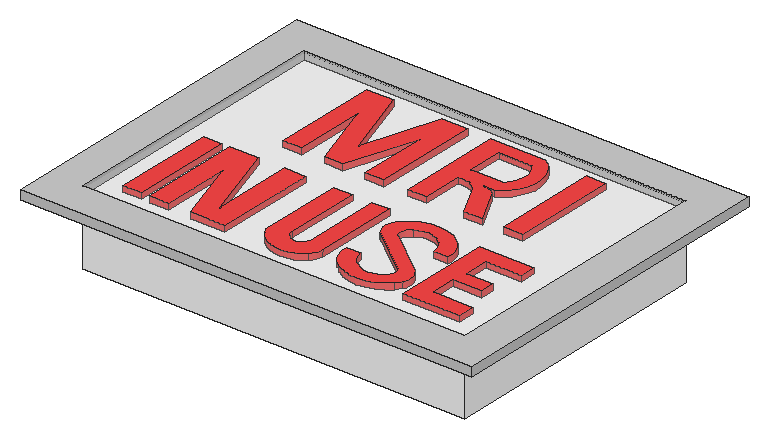
Revit family "OBN_Wall", category Lighting Fixtures, host Face, Revit 2014
Parameters (values of type "OBN")
  zz Length 1 [instance] = 0.200"
  Watts = 3.72 W
  Wattage Comments = "3.72 W"
  Warranty = "Fixture: 5 Years Full; Battery: 2 Years Full, 8 Years Pro-Rata"  # constant formula
  Wall Plate Material = Plastic, Opaque White
  Voltage [instance] = if(Is 120VAC, 120 V, 277 V)  # 120 V
  URL = "https://www.hubbell.com/dual-lite/en"
  Type Comments = "Exit Light"  # constant formula
  Product Page URL = "https://www.hubbell.com/dual-lite/en/Products/Lighting-Controls/Emergency-Exit-Lighting/Exit-Message-Signs/CLS/p/222327"
  Product Documentation Link = "https://hubbellcdn.com/specsheet/0603521_cls_spec.pdf"
  Model = "CLS"
  Manufacturer = "DUAL-LITE"  # constant formula
  Load Classification = Lighting
  Lens = Hubbell - Red Glass
  Lamp = "LED Lamp"  # constant formula
  Is 277VAC [instance] = not(Is 120VAC)  # no
  Is 120VAC [instance] = yes
  Holder Material = Hubbell - Steel
  Glass = Hubbell - light Glass
  Finish = Hubbell - White
  Features = "Improved one-piece design in AC or emergency operation\r\nHighly reliable and energy efficient LED illumination\r\nLong lasting Nickel Cadmium Battery\r\nGlass panels with EXIT or STAIRS"  # constant formula
  Description = "The CLS Series offers bright and even LED EXIT or STAIRS glass panel illumination with Red letters, white LED's and a 20 gauge, durable steel housing. Features include AC or Emergency operation in single or double face. 120/277 VAC input. City of Chicago approved."  # constant formula
  Default Elevation = 48.000"
  Certification = "UL 924 Listed\r\nNFPA 101 Life Safety Code\r\nCEC T20 Compliant"  # constant formula
  Application = "The Sempra® MR Series are a set of compact, low-profile Master/\r\nRemote exit sign featuring cast aluminum construction. It allows for\r\neasy installation and has energy saving, long-life LED lamps. "  # constant formula
  Apparent Load = Watts  # 3.72 VA
Reference planes (in)
  plane 1 "Center (Front/Back)": y = 0
  plane 2: z = 0
  plane 3 "Center (Left/Right)": x = 0
  plane 4: x = -6.25
  plane 5: x = 6.25
  plane 6: x = -2.75
  plane 7: x = 2.75
  plane 8: z = 9.3
  plane 9: y = -1.25
  plane 10: y = 1.25
  plane 11: y = -2.2
  plane 12: y = 2.2
Forms (in)
  Extrusion 1, void
    sketch origin (0, 0, 0) x (1, 0, 0) y (0, 1, 0)
      loop
        line (-5.49, 3.975) -> (-5.49, -3.975) -> (5.49, -3.975) -> (5.49, 3.975) -> (-5.49, 3.975)
    from 0 to -1.875
  Extrusion 2, solid, material "Plastic, Opaque White" <- "Wall Plate Material"
    sketch origin (0, 0, 0) x (1, 0, 0) y (0, 1, 0)
      loop
        line (-5.49, 3.975) -> (-5.49, -3.975) -> (5.49, -3.975) -> (5.49, 3.975) -> (-5.49, 3.975)
      loop
        line (-6.49, 4.975) -> (-6.49, -4.975) -> (6.49, -4.975) -> (6.49, 4.975) -> (-6.49, 4.975)
    from 0 to 0.25
Dimensions and locks (in)
  plane 4 to plane 3 "Center (Left/Right)" = 6.250"
  equal spacing: plane 4, plane 3 "Center (Left/Right)", plane 5
  equal spacing: plane 6, plane 3 "Center (Left/Right)", plane 7
  plane 6 to plane 3 "Center (Left/Right)" = 2.750"
  plane 7 to plane 6 = 5.500"
  plane 5 to plane 4 = 12.500"
  aligned and locked: plane 2 to host face
  aligned and locked: level to host face
Automatic sketch dimensions
  host sketch curve to host sketch curve = 96.000"  (x2)
  plane 4 to Extrusion 1 sketch curve = 0.760"
  Extrusion 1 sketch curve to plane 5 = 0.760"
  plane 11 to Extrusion 1 sketch curve = 1.775"
  Extrusion 1 sketch curve to plane 12 = 1.775"
  Extrusion 2 sketch curve to plane 4 = 0.240"
  plane 4 to Extrusion 2 sketch curve = 0.760"
  Extrusion 2 sketch curve to plane 5 = 0.760"
  plane 5 to Extrusion 2 sketch curve = 0.240"
  plane 11 to Extrusion 2 sketch curve = 2.775"
  Extrusion 2 sketch curve to Extrusion 2 sketch curve = 1.000"  (x2)
  Extrusion 2 sketch curve to plane 12 = 1.775"
Nested families (in)
  nested 1: "C" at (0, 0, -1.875), type "C1"
Connectors (in)
  electrical at (0, 0, -1.875)
    settings: on nested 1, index 1, voltage 120 V, apparent load 11 VA, apparent load phase1 0 VA, apparent load phase2 0 VA, apparent load phase3 0 VA, power factor 0.9, load classification "Other", number of poles 1, system type 30, power factor state 1, is connector primary yes, connector utility no, sub classification motor no, connector description "Lighting Connector"
Definition of nested family "C"
  Parameters (values of type "C1")
    Width = 2.180"
    Lens = Hubbell - Red Glass
    Glass = Hubbell - light Glass
    Finish = Hubbell - White
  Reference planes (in)
    plane 1 "Center (Front/Back)": y = 0
    plane 2: z = 0
    plane 3 "Center (Left/Right)": x = 0
    plane 4: x = 5.49
    plane 5: x = -5.49
    plane 6: z = 7.95
    plane 7: y = 1.09
    plane 8: y = -1.09
  Forms (in)
    Extrusion 1, solid, material "Hubbell - White" <- "Finish"
      sketch origin (0, -4.705, 0.95) x (1, 0, 0) y (0, 1, 0)
        loop
          line (-5.49, 0.73) -> (5.49, 0.73) -> (5.49, 8.68) -> (-5.49, 8.68) -> (-5.49, 0.73)
      from -0.95 to 0.95
    Extrusion 2, solid, material "Hubbell - Red Glass" <- "Lens"
      sketch origin (0, 3.89958, 0.95) x (-1, 0, 0) y (0, -1, 0)
        loop
          line (-3.53314, 3.34728) -> (-3.53314, 0.34728) -> (-2.99224, 0.34728) -> (-2.99224, 3.34728) -> (-3.53314, 3.34728)
        loop
          line (2.81407, 3.34728) -> (2.81407, 1.35176) -> (2.16568, 3.34728) -> (1.6293, 3.34728) -> (0.9935, 1.39048) -> (0.9935, 3.34728) -> (0.4526, 3.34728) -> (0.4526, 0.34728) -> (1.18845, 0.34728) -> (1.87504, 2.4604) -> (2.56164, 0.34728) -> (3.35497, 0.34728) -> (3.35497, 3.34728) -> (2.81407, 3.34728)
        loop
          line (-0.23215, 3.34728) -> (-0.77305, 3.34728) -> (-0.77305, 2.22457)
          arc (-0.77305, 2.22457) -> (-1.14557, 2.25349) -> (-1.41817, 2.50903) r 0.56368
          line (-1.41817, 2.50903) -> (-1.85443, 3.34728) -> (-2.38453, 3.34728) -> (-1.86798, 2.35475)
          arc (-1.86798, 2.35475) -> (-1.68643, 2.2224) -> (-1.46928, 2.16476) r 0.60988
          line (-1.46928, 2.16476) -> (-1.78276, 2.16476)
          arc (-1.78276, 2.16476) -> (-2.31695, 1.25602) -> (-1.78276, 0.34728) r 1.04006
          line (-1.78276, 0.34728) -> (-0.23215, 0.34728) -> (-0.23215, 3.34728)
        loop
          line (-0.77305, 0.75116) -> (-0.77305, 1.76088) -> (-1.73228, 1.76088)
          arc (-1.73228, 1.76088) -> (-1.9323, 1.25602) -> (-1.73228, 0.75116) r 0.73713
          line (-1.73228, 0.75116) -> (-0.77305, 0.75116)
        loop
          line (4.33146, 7.19837) -> (4.33146, 4.31243) -> (4.87434, 4.31243) -> (4.87434, 7.19837) -> (4.33146, 7.19837)
        loop
          line (3.56317, 7.19837) -> (3.56317, 5.25808) -> (2.93272, 7.19837) -> (1.94064, 7.19837) -> (1.94064, 4.31243) -> (2.53418, 4.31243) -> (2.53418, 6.63709) -> (3.28951, 4.31243) -> (4.10604, 4.31243) -> (4.10604, 7.19837) -> (3.56317, 7.19837)
        loop
          line (1.13019, 4.31243) -> (1.13019, 6.75976)
          arc (1.13019, 6.75976) -> (0.466, 7.27518) -> (-0.33784, 7.02894) r 0.91276
          arc (-0.33784, 7.02894) -> (-0.44061, 6.87749) -> (-0.47675, 6.69806) r 0.46353
          line (-0.47675, 6.69806) -> (-0.47675, 4.31243) -> (0.01546, 4.31243) -> (0.01546, 6.4794)
          arc (0.01546, 6.4794) -> (0.30139, 6.76533) -> (0.58732, 6.4794) r 0.28593
          line (0.58732, 6.4794) -> (0.58732, 4.31243) -> (1.13019, 4.31243)
        loop
          line (-4.68598, 4.37493) -> (-3.12971, 4.37493) -> (-3.12971, 7.13587) -> (-4.75115, 7.13587) -> (-4.75115, 6.65284) -> (-3.61916, 6.65284) -> (-3.61916, 5.94346) -> (-4.42988, 5.94346) -> (-4.42988, 5.5381) -> (-3.67258, 5.5381) -> (-3.67258, 4.82872) -> (-4.68598, 4.82872) -> (-4.68598, 4.37493)
        loop
          line (-2.47819, 5.20089) -> (-2.88022, 5.20089)
          arc (-2.88022, 5.20089) -> (-2.84818, 4.8837) -> (-2.68766, 4.60826) r 0.75242
          arc (-2.68766, 4.60826) -> (-1.85576, 4.24188) -> (-1.02387, 4.60826) r 1.12765
          arc (-1.02387, 4.60826) -> (-0.96559, 4.68164) -> (-0.91688, 4.76169) r 0.75276
          arc (-0.91688, 4.76169) -> (-0.87475, 5.06793) -> (-1.03855, 5.33008) r 0.45373
          line (-1.03855, 5.33008) -> (-2.36791, 6.37098)
          arc (-2.36791, 6.37098) -> (-2.37045, 6.58515) -> (-2.23872, 6.75404) r 0.32375
          arc (-2.23872, 6.75404) -> (-1.60498, 6.79567) -> (-1.23334, 6.28066) r 0.65559
          line (-1.23334, 6.28066) -> (-0.83131, 6.28066)
          arc (-0.83131, 6.28066) -> (-0.86335, 6.59785) -> (-1.02387, 6.8733) r 0.75242
          arc (-1.02387, 6.8733) -> (-1.85576, 7.23967) -> (-2.68766, 6.8733) r 1.12765
          arc (-2.68766, 6.8733) -> (-2.74594, 6.79992) -> (-2.79465, 6.71987) r 0.75276
          arc (-2.79465, 6.71987) -> (-2.83676, 6.41353) -> (-2.67283, 6.15135) r 0.45373
          line (-2.67283, 6.15135) -> (-1.34362, 5.11057)
          arc (-1.34362, 5.11057) -> (-1.34108, 4.8964) -> (-1.47281, 4.72751) r 0.32375
          arc (-1.47281, 4.72751) -> (-2.10655, 4.68588) -> (-2.47819, 5.20089) r 0.65559
      from 0.95 to 1.11507
    Extrusion 3, solid, material "Hubbell - light Glass" <- "Glass"
      sketch origin (0, -4.705, 0.95) x (1, 0, 0) y (0, 1, 0)
        loop
          line (-5.49, 8.68) -> (-5.49, 0.73) -> (5.49, 0.73) -> (5.49, 8.68) -> (-5.49, 8.68)
      from 0.95 to 1.11507
  Dimensions and locks (in)
    aligned and locked: plane 2 to level
